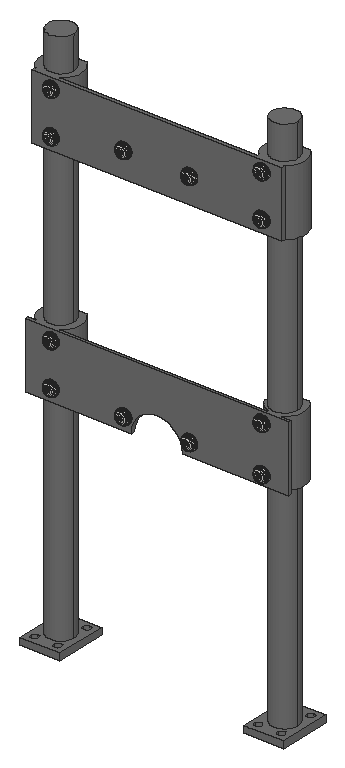
Revit family (continued)
Automatic sketch dimensions
  Revolve 32 sketch curve to Revolve 32 sketch curve = 0.00968"
  Revolve 32 sketch curve to Revolve 32 sketch curve = 0.01429"
  Revolve 32 sketch curve to Revolve 32 sketch curve = 0.01792"
  Revolve 32 sketch curve to Revolve 32 sketch curve = 0.04036"
  Revolve 32 sketch curve to Revolve 32 sketch curve = 0.06466"
  Revolve 32 sketch curve to Revolve 32 sketch curve = 0.04467"
  Revolve 32 sketch curve to Revolve 32 sketch curve = 0.04997"
  Revolve 32 sketch curve to Revolve 32 sketch curve = 0.06708"
  Revolve 32 sketch curve to Revolve 32 sketch curve = 0.03549"
  Revolve 32 sketch curve to Revolve 32 sketch curve = 0.03428"
  Revolve 32 sketch curve to Revolve 32 sketch curve = 0.04657"
  Revolve 32 sketch curve to Revolve 32 sketch curve = 0.03407"
  Revolve 32 sketch curve to Revolve 32 sketch curve = 129/256"
  Revolve 32 sketch curve to Revolve 32 sketch curve = 0.00065"
  Revolve 32 sketch curve to Revolve 32 sketch curve = 0.00123"
  Revolve 32 sketch curve to Revolve 32 sketch curve = 0.0001"  (x2)
  Revolve 32 sketch curve to Revolve 32 sketch curve = 0.00012"  (x3)
  Revolve 32 sketch curve to Revolve 32 sketch curve = 0.00013"
  Revolve 32 sketch curve to Revolve 32 sketch curve = 0.00008"
  Revolve 32 sketch curve to Revolve 32 sketch curve = 0.00014"
  Revolve 32 sketch curve to Revolve 32 sketch curve = 0.00028"
  Revolve 32 sketch curve to Revolve 32 sketch curve = 0.00004"  (x2)
  Revolve 32 sketch curve to Revolve 32 sketch curve = 0.00016"
  Revolve 32 sketch curve to Revolve 32 sketch curve = 0.00015"
  Revolve 32 sketch curve to Revolve 32 sketch curve = 0.24989"
  Revolve 32 sketch curve to Revolve 32 sketch curve = 0.53922"
  Revolve 32 sketch curve to Revolve 32 sketch curve = 0.04653"
  Revolve 32 sketch curve to Revolve 32 sketch curve = 0.01228"
  Revolve 32 sketch curve to Revolve 32 sketch curve = 0.0031"
  Revolve 32 sketch curve to Revolve 32 sketch curve = 0"
  Revolve 32 sketch curve to Revolve 32 sketch curve = 0.00003"  (x3)
  Revolve 32 sketch curve to Revolve 32 sketch curve = 0.00006"
  Revolve 32 sketch curve to Revolve 32 sketch curve = 0.00025"
  Revolve 32 sketch curve to Revolve 32 sketch curve = 0.00019"
  Revolve 32 sketch curve to Revolve 32 sketch curve = 0.00034"
  Extrusion 33 sketch curve to plane 14 = 0"
  Extrusion 33 sketch curve to plane 13 = 0"
  Extrusion 33 sketch curve to plane 7 = 1/8"  (x4)
  Extrusion 33 sketch curve to plane 14 = 5/8"  (x2)
  Extrusion 33 sketch curve to plane 6 = 1/8"  (x4)
  Extrusion 33 sketch curve to plane 5 = 3/8"  (x2)
  plane 15 to Extrusion 33 sketch curve = 3/8"  (x2)
  Extrusion 33 sketch curve to Extrusion 33 sketch curve = 5/8"
  Extrusion 33 sketch curve to plane 4 = 1"
  Extrusion 33 sketch curve to plane 4 = 3/8"  (x2)
  Extrusion 33 sketch curve to plane 13 = 5/8"  (x2)
  plane 7 to Extrusion 33 sketch curve = 1/2"  (x2)
  radius of Extrusion 1 sketch curve = 1"  (x2)
  radius of Extrusion 33 sketch curve = 9/32"  (x8)
Types (13): name | J | G | F | Lower Plate Height | D | Back Panel Visibility | Upper Plate Height
  0635 | 2" | 1" | 5" | 16 1/2" | 5" | no | 36 1/8"
  AM. STD ALLBROOK 6545.016 | 2" | 1" | 5" | 16 1/2" | 5" | no | 36 1/8"
  BRIGGS RUSHTON B-6940,1 | 3" | 2" | 7" | 17" | 7" | no | 28"
  CASE CASCO 2325, 6 | 1" | 1" | 5" | 18 5/8" | 6" | no | 42"
  CRANE EXPEDIO 7-101, 3 | 3 1/2" | 3" | 7" | 15 1/2" | 5" | no | 26 1/2"
  CRANE EXPEDIO 7-104 | 2" | 3" | 7" | 15 1/2" | 7" | no | 26 1/2"
  CRANE MANHATTAN 7-105, 8 | 2" | 2" | 4" | 15 1/2" | 5" | no | 34 1/2"
  CRANE SANTO 7-111, 2 | 2" | 2" | 4" | 17 1/2" | 5" | no | 34 1/2"
  U. RUNDLE COLBY 4981 | 2" | 1/2" | 5" | 14 1/2" | 5 1/4" | no | 33 1/4"
  U. RUNDLE CELTIC 4989, 92 | 1" | 1" | 7" | 19" | 7" | no | 42 1/2"
  U. RUNDLE COLBURN 4990 | 2" | 2" | 4 1/2" | 17" | 4 1/2" | no | 33 1/2"
  U. RUNDLE CHALLENGE 4993, 4 | 1" | 1" | 7" | 20" | 7" | no | 42 3/4"
  0635D | 2" | 1" | 5" | 16 1/2" | 5" | yes | 36 1/8"
